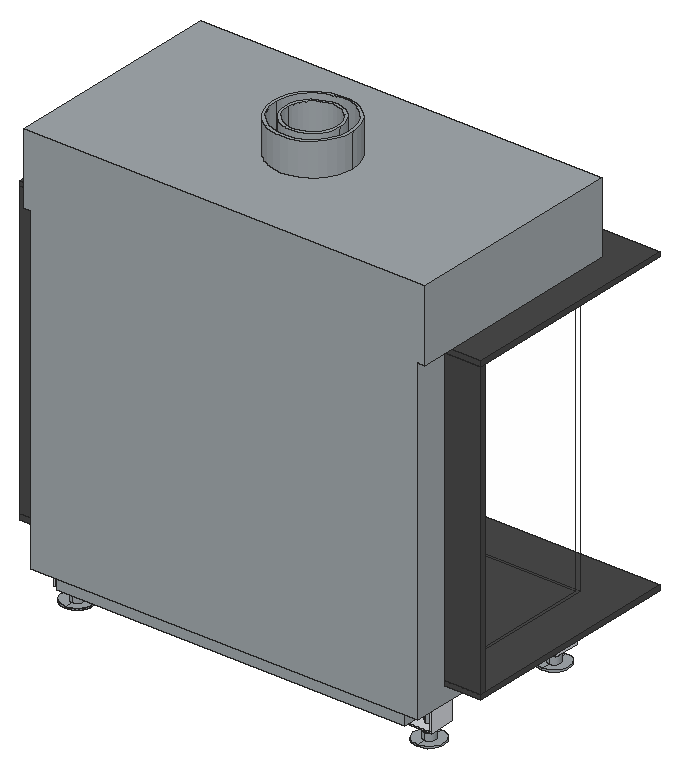
Revit family "METALFIRE_AVENUE_PLUS_MF_GHE_3S", category Mechanical Equipment, host Wall, Revit 2017
Family settings
  Host = Wall
  Round Connector Dimension = Use Diameter
  Part Type = Normal
  OmniClass Number = 23.75.00.00
  OmniClass Title = Climate Control (HVAC)
  Always vertical = Yes
  Cut with Voids When Loaded = No
  Shared = No
  Room Calculation Point = Yes
Parameters (values of type "700 x 600 mm")
  WIDTH = 757 mm
  WEIGHT = 100.00 kg
  URL = "https://www.metalfire.eu"
  TECHNICAL SHEET = "https://www.metalfire.eu/en/products/gas-fireplaces/avenue-plus"
  SMOKE EXHAUST = "Ø100/150 mm"
  PRODUCT SHEET = "https://www.archiproducts.com/en/products/metalfire/gas-3-sided-closed-fireplace-avenue-plus-3-sided-fireplace_456682"
  PRODUCT CODE = "MF 700-60 GHE 3S"
  OVERALL WIDTH = 828 mm
  OVERALL HEIGHT = 970 mm
  OVERALL DEPTH = 444 mm
  OUTPUT = 5.8 kW
  Model = "Avenue Plus"
  Manufacturer = "Metalfire"
  MATERIAL DESCRIPTION = "Iron, galvanized steel and vermiculite plates"
  HEIGHT = 590 mm
  FRAME MATERIAL = Iron - Metalfire
  FINISHING MATERIAL = Black painted vermiculite plates - Metalfire
  ENERGY EFFICIENCY CLASS = "A (G20) / B (G30)"
  EFFICIENCY = 90.00%
  Description = "The Avenue plus represents the latest generation of closed gas-fired fireplaces. Although the output is lower than the Avenue series, the Avenue plus achieves the highest efficiency in the Metalfire range, 90%."
  DEPTH = 336 mm
  BIM USER MANUAL = "https://img.edilportale.com/bim/METALFIRE-BIM-USER-MANUAL-Metalfire-bim.pdf"
  BIM BADGE = "https://bim.archiproducts.com/en/badge/bim-archiproducts-featured_658700/about"
  BIM AUTHOR = "https://bim.archiproducts.com"
Types (2, lengths in mm): name | WIDTH | PRODUCT CODE | OVERALL WIDTH | OVERALL HEIGHT | OUTPUT | HEIGHT
  700 x 600 mm | 757 | "MF 700-60 GHE 3S" | 828 | 970 | 5.8 kW | 590
  800 x 400 mm | 841 | "MF 800-40 GHE 3S" | 928 | 770 | 5.5 kW | 390
Reference planes
  plane 1 "Wall": y = 0
  plane 2 "Center (Left/Right)": x = 0
  plane 3 "Back": y = 600
  plane 4: x = 378.5
  plane 5: x = -378.5
  plane 6: z = 121
  plane 7: z = 711
Forms (mm)
  Extrusion 1, solid, material "Iron - Metalfire" <- "FRAME MATERIAL", detail levels fine
    sketch origin (0, 381.083, 0) x (-1, 0, 0) y (0, -1, 0)
      loop
        circle (0, 73.083) r 75
      loop
        circle (0, 73.083) r 80
    from 864 to 930
  Extrusion 2, solid, material "Iron - Metalfire" <- "FRAME MATERIAL", detail levels fine
    sketch origin (0, 300, 0) x (-1, 0, 0) y (0, 0, 1)
      loop
        line (-349.5, 46) -> (349.5, 46) -> (349.5, 78) -> (-349.5, 78) -> (-349.5, 46)
    from 188 to -197
  Extrusion 3, solid, material "Black painted vermiculite plates - Metalfire" <- "FINISHING MATERIAL", detail levels medium+fine
    sketch origin (1538.26, 300, 0) x (-1, 0, 0) y (0, 0, 1)
      loop
        line (1075.76, 111) -> (2000.76, 111) -> (2000.76, 121) -> (1075.76, 121) -> (1075.76, 111)
      loop
        line (2000.76, 721) -> (1075.76, 721) -> (1075.76, 711) -> (2000.76, 711) -> (2000.76, 721)
    from 300 to -148
  Extrusion 4, solid, material "Iron - Metalfire" <- "FRAME MATERIAL", detail levels fine
    sketch origin (0, 300, 0) x (0, -1, 0) y (0, 0, -1)
      loop
        line (-230, -864) -> (214, -864) -> (214, -78) -> (-207, -78) -> (-207, -111) -> (148, -111) -> (148, -721) -> (-230, -721) -> (-230, -864)
    from -388.5 to 388.5
  Extrusion 5, solid, material "Black painted vermiculite plates - Metalfire" <- "FINISHING MATERIAL", detail levels medium+fine
    sketch origin (0, 300, 0) x (-1, 0, 0) y (0, 0, 1)
      loop
        line (-462.5, 121) -> (462.5, 121) -> (462.5, 711) -> (-462.5, 711) -> (-462.5, 121)
    from -148 to -138
  Extrusion 6, solid, material "Iron - Metalfire" <- "FRAME MATERIAL", detail levels fine
    sketch origin (0, 381.083, 0) x (-1, 0, 0) y (0, -1, 0)
      loop
        circle (0, 73.083) r 50
      loop
        circle (0, 73.083) r 55
    from 864 to 930
  Extrusion 7, solid, material "Iron - Metalfire" <- "FRAME MATERIAL", detail levels fine
    sketch origin (0, 300, 0) x (0, -1, 0) y (0, 0, 1)
      loop
        line (-230, 864) -> (-230, 721) -> (214, 721) -> (214, 864) -> (-230, 864)
    from 388.5 to 402.5
  Extrusion 8, solid, material "Clear Glass - Metalfire", detail levels medium+fine
    sketch origin (0, 0, 0) x (1, 0, 0) y (0, 1, 0)
      loop
        line (-378.5, 507) -> (-378.5, 162) -> (-373.5, 162) -> (-373.5, 502) -> (373.5, 502) -> (373.5, 162) -> (378.5, 162) -> (378.5, 507) -> (-378.5, 507)
    from 121 to 711
  Extrusion 9, solid, material "Iron - Metalfire" <- "FRAME MATERIAL", detail levels fine
    sketch origin (-11.25, 300, 0) x (0, -1, 0) y (0, 0, -1)
      loop
        line (-230, -864) -> (214, -864) -> (214, -721) -> (-230, -721) -> (-230, -864)
    from 399.75 to 413.75
  Revolve 10, solid, material "Iron - Metalfire" <- "FRAME MATERIAL", detail levels fine
    sketch origin (-353.5, -242.858, 1200) x (0, -1, 0) y (0, 0, 1)
      loop
        line (-714.93, -1200) -> (-684.93, -1200) -> (-684.93, -1197) -> (-702.93, -1197) -> (-702.93, -1184) -> (-706.93, -1184) -> (-706.93, -1122) -> (-714.93, -1122) -> (-714.93, -1200)
      axis (-714.93, -1122) -> (-714.93, -1200)
    angle from 0 to 360
  Revolve 11, solid, material "Iron - Metalfire" <- "FRAME MATERIAL", detail levels fine
    sketch origin (-353.5, 70.642, 1200) x (0, -1, 0) y (0, 0, 1)
      loop
        line (-87.93, -1200) -> (-57.93, -1200) -> (-57.93, -1197) -> (-75.93, -1197) -> (-75.93, -1184) -> (-79.93, -1184) -> (-79.93, -1122) -> (-87.93, -1122) -> (-87.93, -1200)
      axis (-87.93, -1122) -> (-87.93, -1200)
    angle from 0 to 360
  Revolve 12, solid, material "Iron - Metalfire" <- "FRAME MATERIAL", detail levels fine
    sketch origin (-353.5, -242.858, 1200) x (0, -1, 0) y (0, 0, 1)
      loop
        line (-714.93, -1200) -> (-684.93, -1200) -> (-684.93, -1197) -> (-702.93, -1197) -> (-702.93, -1184) -> (-706.93, -1184) -> (-706.93, -1122) -> (-714.93, -1122) -> (-714.93, -1200)
      axis (-714.93, -1122) -> (-714.93, -1200)
    angle from 0 to 360
  Revolve 13, solid, material "Iron - Metalfire" <- "FRAME MATERIAL", detail levels fine
    sketch origin (-353.5, 70.642, 1200) x (0, -1, 0) y (0, 0, 1)
      loop
        line (-87.93, -1200) -> (-57.93, -1200) -> (-57.93, -1197) -> (-75.93, -1197) -> (-75.93, -1184) -> (-79.93, -1184) -> (-79.93, -1122) -> (-87.93, -1122) -> (-87.93, -1200)
      axis (-87.93, -1122) -> (-87.93, -1200)
    angle from 0 to 360
  Extrusion 14, solid, detail levels fine
    sketch origin (125.5, 1.572, 0) x (-1, 0, 0) y (0, 0, 1)
      loop
        line (457, 78) -> (454, 78) -> (454, 29.8) -> (504, 29.8) -> (504, 78) -> (501, 78) -> (501, 32.8) -> (457, 32.8) -> (457, 78)
    from 131 to 183
  Extrusion 15, solid, detail levels fine
    sketch origin (125.5, 562.572, 0) x (-1, 0, 0) y (0, 0, -1)
      loop
        line (457, -78) -> (457, -32.8) -> (501, -32.8) -> (501, -78) -> (504, -78) -> (504, -29.8) -> (454, -29.8) -> (454, -78) -> (457, -78)
    from 64.5 to 116.5
  Revolve 16, solid, material "Iron - Metalfire" <- "FRAME MATERIAL", detail levels fine
    sketch origin (353.5, -242.858, 1200) x (0, -1, 0) y (0, 0, -1)
      loop
        line (-714.93, 1200) -> (-714.93, 1122) -> (-706.93, 1122) -> (-706.93, 1184) -> (-702.93, 1184) -> (-702.93, 1197) -> (-684.93, 1197) -> (-684.93, 1200) -> (-714.93, 1200)
      axis (-714.93, 1122) -> (-714.93, 1200)
    angle from 0 to 360
  Revolve 17, solid, material "Iron - Metalfire" <- "FRAME MATERIAL", detail levels fine
    sketch origin (353.5, 70.642, 1200) x (0, -1, 0) y (0, 0, -1)
      loop
        line (-87.93, 1200) -> (-87.93, 1122) -> (-79.93, 1122) -> (-79.93, 1184) -> (-75.93, 1184) -> (-75.93, 1197) -> (-57.93, 1197) -> (-57.93, 1200) -> (-87.93, 1200)
      axis (-87.93, 1122) -> (-87.93, 1200)
    angle from 0 to 360
  Revolve 18, solid, material "Iron - Metalfire" <- "FRAME MATERIAL", detail levels fine
    sketch origin (353.5, -242.858, 1200) x (0, -1, 0) y (0, 0, -1)
      loop
        line (-714.93, 1200) -> (-714.93, 1122) -> (-706.93, 1122) -> (-706.93, 1184) -> (-702.93, 1184) -> (-702.93, 1197) -> (-684.93, 1197) -> (-684.93, 1200) -> (-714.93, 1200)
      axis (-714.93, 1122) -> (-714.93, 1200)
    angle from 0 to 360
  Revolve 19, solid, material "Iron - Metalfire" <- "FRAME MATERIAL", detail levels fine
    sketch origin (353.5, 70.642, 1200) x (0, -1, 0) y (0, 0, -1)
      loop
        line (-87.93, 1200) -> (-87.93, 1122) -> (-79.93, 1122) -> (-79.93, 1184) -> (-75.93, 1184) -> (-75.93, 1197) -> (-57.93, 1197) -> (-57.93, 1200) -> (-87.93, 1200)
      axis (-87.93, 1122) -> (-87.93, 1200)
    angle from 0 to 360
  Extrusion 20, solid, detail levels fine
    sketch origin (-125.5, 1.572, 0) x (1, 0, 0) y (0, 0, -1)
      loop
        line (457, -78) -> (457, -32.8) -> (501, -32.8) -> (501, -78) -> (504, -78) -> (504, -29.8) -> (454, -29.8) -> (454, -78) -> (457, -78)
    from 131 to 183
  Extrusion 21, solid, detail levels fine
    sketch origin (-125.5, 562.572, 0) x (1, 0, 0) y (0, 0, 1)
      loop
        line (457, 78) -> (454, 78) -> (454, 29.8) -> (504, 29.8) -> (504, 78) -> (501, 78) -> (501, 32.8) -> (457, 32.8) -> (457, 78)
    from 64.5 to 116.5
  Revolve 22, solid, material "Iron - Metalfire" <- "FRAME MATERIAL", not visible, detail levels fine
    sketch origin (-435, -544.43, 1200) x (0, -1, 0) y (0, 0, 1)
      loop
        line (-714.93, -1200) -> (-684.93, -1200) -> (-684.93, -1197) -> (-702.93, -1197) -> (-702.93, -1184) -> (-706.93, -1184) -> (-706.93, -1122) -> (-714.93, -1122) -> (-714.93, -1200)
      axis (-714.93, -1122) -> (-714.93, -1200)
    angle from 0 to 360
  Revolve 23, solid, material "Iron - Metalfire" <- "FRAME MATERIAL", not visible, detail levels fine
    sketch origin (-435, -230.93, 1200) x (0, -1, 0) y (0, 0, 1)
      loop
        line (-87.93, -1200) -> (-57.93, -1200) -> (-57.93, -1197) -> (-75.93, -1197) -> (-75.93, -1184) -> (-79.93, -1184) -> (-79.93, -1122) -> (-87.93, -1122) -> (-87.93, -1200)
      axis (-87.93, -1122) -> (-87.93, -1200)
    angle from 0 to 360
  Revolve 24, solid, material "Iron - Metalfire" <- "FRAME MATERIAL", not visible, detail levels fine
    sketch origin (-435, -544.43, 1200) x (0, -1, 0) y (0, 0, 1)
      loop
        line (-714.93, -1200) -> (-684.93, -1200) -> (-684.93, -1197) -> (-702.93, -1197) -> (-702.93, -1184) -> (-706.93, -1184) -> (-706.93, -1122) -> (-714.93, -1122) -> (-714.93, -1200)
      axis (-714.93, -1122) -> (-714.93, -1200)
    angle from 0 to 360
  Revolve 25, solid, material "Iron - Metalfire" <- "FRAME MATERIAL", not visible, detail levels fine
    sketch origin (-435, -230.93, 1200) x (0, -1, 0) y (0, 0, 1)
      loop
        line (-87.93, -1200) -> (-57.93, -1200) -> (-57.93, -1197) -> (-75.93, -1197) -> (-75.93, -1184) -> (-79.93, -1184) -> (-79.93, -1122) -> (-87.93, -1122) -> (-87.93, -1200)
      axis (-87.93, -1122) -> (-87.93, -1200)
    angle from 0 to 360
  Extrusion 26, solid, not visible, detail levels fine
    sketch origin (44, -300, 0) x (-1, 0, 0) y (0, 0, 1)
      loop
        line (457, 78) -> (454, 78) -> (454, 29.8) -> (504, 29.8) -> (504, 78) -> (501, 78) -> (501, 32.8) -> (457, 32.8) -> (457, 78)
    from 131 to 183
  Extrusion 27, solid, not visible, detail levels fine
    sketch origin (44, 261, 0) x (-1, 0, 0) y (0, 0, -1)
      loop
        line (457, -78) -> (457, -32.8) -> (501, -32.8) -> (501, -78) -> (504, -78) -> (504, -29.8) -> (454, -29.8) -> (454, -78) -> (457, -78)
    from 64.5 to 116.5
  Revolve 28, solid, material "Iron - Metalfire" <- "FRAME MATERIAL", not visible, detail levels fine
    sketch origin (447, -544.43, 1200) x (0, -1, 0) y (0, 0, -1)
      loop
        line (-714.93, 1200) -> (-714.93, 1122) -> (-706.93, 1122) -> (-706.93, 1184) -> (-702.93, 1184) -> (-702.93, 1197) -> (-684.93, 1197) -> (-684.93, 1200) -> (-714.93, 1200)
      axis (-714.93, 1122) -> (-714.93, 1200)
    angle from 0 to 360
  Revolve 29, solid, material "Iron - Metalfire" <- "FRAME MATERIAL", not visible, detail levels fine
    sketch origin (447, -230.93, 1200) x (0, -1, 0) y (0, 0, -1)
      loop
        line (-87.93, 1200) -> (-87.93, 1122) -> (-79.93, 1122) -> (-79.93, 1184) -> (-75.93, 1184) -> (-75.93, 1197) -> (-57.93, 1197) -> (-57.93, 1200) -> (-87.93, 1200)
      axis (-87.93, 1122) -> (-87.93, 1200)
    angle from 0 to 360
  Revolve 30, solid, material "Iron - Metalfire" <- "FRAME MATERIAL", not visible, detail levels fine
    sketch origin (447, -544.43, 1200) x (0, -1, 0) y (0, 0, -1)
      loop
        line (-714.93, 1200) -> (-714.93, 1122) -> (-706.93, 1122) -> (-706.93, 1184) -> (-702.93, 1184) -> (-702.93, 1197) -> (-684.93, 1197) -> (-684.93, 1200) -> (-714.93, 1200)
      axis (-714.93, 1122) -> (-714.93, 1200)
    angle from 0 to 360
  Revolve 31, solid, material "Iron - Metalfire" <- "FRAME MATERIAL", not visible, detail levels fine
    sketch origin (447, -230.93, 1200) x (0, -1, 0) y (0, 0, -1)
      loop
        line (-87.93, 1200) -> (-87.93, 1122) -> (-79.93, 1122) -> (-79.93, 1184) -> (-75.93, 1184) -> (-75.93, 1197) -> (-57.93, 1197) -> (-57.93, 1200) -> (-87.93, 1200)
      axis (-87.93, 1122) -> (-87.93, 1200)
    angle from 0 to 360
  Extrusion 32, solid, not visible, detail levels fine
    sketch origin (-32, -300, 0) x (1, 0, 0) y (0, 0, -1)
      loop
        line (457, -78) -> (457, -32.8) -> (501, -32.8) -> (501, -78) -> (504, -78) -> (504, -29.8) -> (454, -29.8) -> (454, -78) -> (457, -78)
    from 131 to 183
  Extrusion 33, solid, not visible, detail levels fine
    sketch origin (-32, 261, 0) x (1, 0, 0) y (0, 0, 1)
      loop
        line (457, 78) -> (454, 78) -> (454, 29.8) -> (504, 29.8) -> (504, 78) -> (501, 78) -> (501, 32.8) -> (457, 32.8) -> (457, 78)
    from 64.5 to 116.5
  Extrusion 34, void
    sketch origin (0, 0, 0) x (1, 0, 0) y (0, 1, 0)
      loop
        line (-402.5, 86) -> (402.5, 86) -> (402.5, 530) -> (-402.5, 530) -> (-402.5, 86)
    from 0 to 930
  Extrusion 35, void
    sketch origin (0, 0, 0) x (1, 0, 0) y (0, 1, 0)
      loop
        line (-462.5, 152) -> (-402.5, 152) -> (-402.5, 530) -> (402.5, 530) -> (402.5, 152) -> (462.5, 152) -> (462.5, 600) -> (-462.5, 600) -> (-462.5, 152)
    from 111 to 721
Cuts and joins
  joined: Extrusion 4, Extrusion 7, Extrusion 9
Text (mm)
  text "Placement side" at (-1820.995, 1116.779, 0), in view "Ref. Level"
  text "Placement side" at (0, 1334.055, 2976.191), in view "Left"
  text "Placement side" at (0, 439.194, 2944.362), in view "Right"
Dimensions and locks
  locked: plane 3 "Back" to host wall
  equal spacing: plane 5, plane 2 "Center (Left/Right)", plane 4
  "WIDTH": plane 5 to plane 4
  locked: level to plane 6 at 121
  "HEIGHT": plane 6 to plane 7
  locked: plane 7 to Extrusion 1 at 219
  locked: Extrusion 4 sketch curve to plane 7 at 10
  locked: Extrusion 4 sketch curve to plane 7 at 153
  locked: plane 6 to Extrusion 4 sketch curve at 10
  locked: plane 6 to Extrusion 4 sketch curve at 43
  Extrusion 2 to plane 2 "Center (Left/Right)" to Extrusion 2 = 349.5 mm locked, 349.5 mm locked
  locked: plane 5 to Extrusion 3 sketch curve at 84
  locked: Extrusion 3 sketch curve to plane 5 at 84
  locked: Extrusion 7 sketch curve to plane 7 at 153
  locked: Extrusion 7 sketch curve to plane 7 at 10
  plane 5 to Extrusion 7 to Extrusion 7 = 10 mm locked, 14 mm locked
  locked: plane 5 to Extrusion 8 sketch curve at 5
  plane 4 to Extrusion 9 = 24 mm
  locked: Extrusion 3 sketch curve to plane 4 at 84
  locked: plane 4 to Extrusion 3 sketch curve at 84
  locked: Extrusion 8 sketch curve to plane 4 at 5
  Extrusion 2 to Extrusion 2 to plane 3 "Back" = 385 mm locked, 112 mm locked
  locked: plane 3 "Back" to Extrusion 21 at 101.928
  locked: plane 3 "Back" to Extrusion 15 at 101.928
  locked: Extrusion 3 to plane 3 "Back" at 448
  locked: Extrusion 5 to Extrusion 3 at 10
  locked: Extrusion 8 sketch curve to plane 3 "Back" at 438
  locked: Extrusion 8 sketch curve to Extrusion 8 sketch curve at 5
  locked: plane 3 "Back" to Extrusion 8 sketch curve at 93
  locked: Extrusion 1 sketch curve to plane 3 "Back" at 292
  locked: Extrusion 6 sketch curve to plane 3 "Back" at 292
  locked: Extrusion 4 sketch curve to plane 3 "Back" at 514
  locked: Extrusion 4 to plane 5 at 10
  locked: plane 4 to Extrusion 4 at 10
  locked: Extrusion 7 to Extrusion 7 at 14
  locked: Extrusion 9 to Extrusion 9 at 14
  locked: Extrusion 5 to Extrusion 3 sketch curve at 10
  locked: Extrusion 3 sketch curve to Extrusion 5 at 10
  aligned and locked: plane 1 "Wall" to host wall
  aligned and locked: plane 7 to Extrusion 3 sketch curve
  aligned and locked: Extrusion 3 sketch curve to plane 6
  aligned and locked: plane 7 to Extrusion 5
  aligned and locked: Extrusion 5 sketch curve to plane 6
  aligned and locked: Extrusion 1 to Extrusion 6  (x2)
  aligned and locked: Extrusion 4 to Extrusion 7
  aligned and locked: Extrusion 8 sketch curve to plane 5
  aligned and locked: Extrusion 8 to plane 6
  aligned and locked: plane 7 to Extrusion 8
  aligned and locked: Extrusion 3 to Extrusion 5
  aligned and locked: Extrusion 8 sketch curve to plane 4
  aligned and locked: Extrusion 15 to plane 5
  aligned and locked: plane 4 to Extrusion 21
  aligned and locked: Extrusion 3 to plane 3 "Back"
  aligned and locked: Extrusion 5 to Extrusion 3
  aligned and locked: Extrusion 8 sketch curve to Extrusion 8 sketch curve
  aligned and locked: Extrusion 9 to Extrusion 4  (x3)
  aligned and locked: Extrusion 1 to Extrusion 4
  aligned and locked: Extrusion 7 to Extrusion 4  (x2)
  aligned and locked: Extrusion 34 sketch curve to cut or joined group of Extrusion 4, Extrusion 7, Extrusion 9  (x4)
  aligned and locked: Extrusion 34 to Extrusion 1
  aligned and locked: cut or joined group of Extrusion 4, Extrusion 7, Extrusion 9 to Extrusion 35 sketch curve  (x3)
  aligned and locked: Extrusion 35 sketch curve to Extrusion 3  (x4)
  aligned and locked: Extrusion 3 to Extrusion 35 sketch curve
  aligned and locked: Extrusion 35 to Extrusion 3  (x2)
  aligned and locked: nested 1 to cut or joined group of Extrusion 4, Extrusion 7, Extrusion 9  (x4)
Automatic sketch dimensions
  Extrusion 1 sketch curve to Extrusion 1 sketch curve = 0 mm  (x2)
  Extrusion 1 sketch curve to plane 2 "Center (Left/Right)" = 0 mm
  Extrusion 2 sketch curve to plane 6 = 43 mm
  Extrusion 2 sketch curve to plane 4 = 29 mm
  plane 5 to Extrusion 2 sketch curve = 29 mm
  Extrusion 2 sketch curve to Extrusion 2 sketch curve = 32 mm
  plane 4 to Extrusion 5 sketch curve = 84 mm
  Extrusion 5 sketch curve to plane 7 = 0 mm
  Extrusion 5 sketch curve to plane 5 = 84 mm
  Extrusion 6 sketch curve to Extrusion 6 sketch curve = 0 mm  (x2)
  Extrusion 6 sketch curve to plane 2 "Center (Left/Right)" = 0 mm
  Extrusion 7 sketch curve to host wall = 70 mm
  Extrusion 7 sketch curve to host wall = 686 mm
  plane 7 to Extrusion 9 sketch curve = 10 mm
  Extrusion 9 sketch curve to host wall = 70 mm
  Extrusion 9 sketch curve to host wall = 686 mm
  Extrusion 9 sketch curve to Extrusion 9 sketch curve = 143 mm
  Revolve 10 sketch curve to Revolve 10 sketch curve = 8 mm
  Revolve 10 sketch curve to Revolve 10 sketch curve = 4 mm
  Revolve 10 sketch curve to Revolve 10 sketch curve = 18 mm
  Revolve 10 sketch curve to Revolve 10 sketch curve = 13 mm
  Revolve 10 sketch curve to Revolve 10 sketch curve = 0 mm
  Revolve 11 sketch curve to Revolve 11 sketch curve = 8 mm
  Revolve 11 sketch curve to Revolve 11 sketch curve = 4 mm
  Revolve 11 sketch curve to Revolve 11 sketch curve = 18 mm
  Revolve 11 sketch curve to Revolve 11 sketch curve = 13 mm
  Revolve 11 sketch curve to Revolve 11 sketch curve = 0 mm
  Revolve 12 sketch curve to Revolve 12 sketch curve = 8 mm
  Revolve 12 sketch curve to Revolve 12 sketch curve = 4 mm
  Revolve 12 sketch curve to Revolve 12 sketch curve = 18 mm
  Revolve 12 sketch curve to Revolve 12 sketch curve = 13 mm
  Revolve 12 sketch curve to Revolve 12 sketch curve = 0 mm
  Revolve 13 sketch curve to Revolve 13 sketch curve = 8 mm
  Revolve 13 sketch curve to Revolve 13 sketch curve = 4 mm
  Revolve 13 sketch curve to Revolve 13 sketch curve = 18 mm
  Revolve 13 sketch curve to Revolve 13 sketch curve = 13 mm
  Revolve 13 sketch curve to Revolve 13 sketch curve = 0 mm
  Extrusion 14 sketch curve to Extrusion 14 sketch curve = 3 mm  (x3)
  Extrusion 15 sketch curve to Extrusion 15 sketch curve = 3 mm  (x3)
  Revolve 16 sketch curve to Revolve 16 sketch curve = 8 mm
  Revolve 16 sketch curve to Revolve 16 sketch curve = 4 mm
  Revolve 16 sketch curve to Revolve 16 sketch curve = 18 mm
  Revolve 16 sketch curve to Revolve 16 sketch curve = 13 mm
  Revolve 16 sketch curve to Revolve 16 sketch curve = 0 mm
  Revolve 16 sketch curve to Revolve 16 sketch curve = 38.099 mm
  Revolve 17 sketch curve to Revolve 17 sketch curve = 8 mm
  Revolve 17 sketch curve to Revolve 17 sketch curve = 4 mm
  Revolve 17 sketch curve to Revolve 17 sketch curve = 18 mm
  Revolve 17 sketch curve to Revolve 17 sketch curve = 13 mm
  Revolve 17 sketch curve to Revolve 17 sketch curve = 0 mm
  Revolve 17 sketch curve to Revolve 17 sketch curve = 38.099 mm
  Revolve 18 sketch curve to Revolve 18 sketch curve = 8 mm
  Revolve 18 sketch curve to Revolve 18 sketch curve = 4 mm
  Revolve 18 sketch curve to Revolve 18 sketch curve = 18 mm
  Revolve 18 sketch curve to Revolve 18 sketch curve = 13 mm
  Revolve 18 sketch curve to Revolve 18 sketch curve = 0 mm
  Revolve 18 sketch curve to Revolve 18 sketch curve = 38.099 mm
  Revolve 19 sketch curve to Revolve 19 sketch curve = 8 mm
  Revolve 19 sketch curve to Revolve 19 sketch curve = 4 mm
  Revolve 19 sketch curve to Revolve 19 sketch curve = 18 mm
  Revolve 19 sketch curve to Revolve 19 sketch curve = 13 mm
  Revolve 19 sketch curve to Revolve 19 sketch curve = 0 mm
  Revolve 19 sketch curve to Revolve 19 sketch curve = 38.099 mm
  Extrusion 20 sketch curve to Extrusion 20 sketch curve = 3 mm  (x3)
  Extrusion 21 sketch curve to Extrusion 21 sketch curve = 3 mm  (x3)
  Revolve 10 sketch curve to Revolve 10 sketch curve = 3 mm
  Revolve 10 sketch curve to Revolve 10 sketch curve = 62 mm
  Revolve 10 sketch curve to Revolve 10 sketch curve = 38.099 mm
  Revolve 10 sketch curve to Revolve 10 sketch curve = 58.901 mm
  Revolve 11 sketch curve to Revolve 11 sketch curve = 3 mm
  Revolve 11 sketch curve to Revolve 11 sketch curve = 62 mm
  Revolve 11 sketch curve to Revolve 11 sketch curve = 38.099 mm
  Revolve 11 sketch curve to Revolve 11 sketch curve = 58.901 mm
  Revolve 12 sketch curve to Revolve 12 sketch curve = 3 mm
  Revolve 12 sketch curve to Revolve 12 sketch curve = 62 mm
  Revolve 12 sketch curve to Revolve 12 sketch curve = 38.099 mm
  Revolve 12 sketch curve to Revolve 12 sketch curve = 58.901 mm
  Revolve 13 sketch curve to Revolve 13 sketch curve = 3 mm
  Revolve 13 sketch curve to Revolve 13 sketch curve = 62 mm
  Revolve 13 sketch curve to Revolve 13 sketch curve = 38.099 mm
  Revolve 13 sketch curve to Revolve 13 sketch curve = 58.901 mm
  Extrusion 14 sketch curve to Extrusion 14 sketch curve = 44 mm
  Extrusion 14 sketch curve to Extrusion 14 sketch curve = 45.2 mm  (x2)
  Extrusion 15 sketch curve to Extrusion 15 sketch curve = 44 mm
  Extrusion 15 sketch curve to Extrusion 15 sketch curve = 0 mm
  Extrusion 15 sketch curve to Extrusion 15 sketch curve = 45.2 mm
  Revolve 16 sketch curve to Revolve 16 sketch curve = 62 mm
  Revolve 16 sketch curve to Revolve 16 sketch curve = 3 mm
  Revolve 16 sketch curve to Revolve 16 sketch curve = 58.901 mm
  Revolve 17 sketch curve to Revolve 17 sketch curve = 62 mm
  Revolve 17 sketch curve to Revolve 17 sketch curve = 3 mm
  Revolve 17 sketch curve to Revolve 17 sketch curve = 58.901 mm
  Revolve 18 sketch curve to Revolve 18 sketch curve = 62 mm
  Revolve 18 sketch curve to Revolve 18 sketch curve = 3 mm
  Revolve 18 sketch curve to Revolve 18 sketch curve = 58.901 mm
  Revolve 19 sketch curve to Revolve 19 sketch curve = 62 mm
  Revolve 19 sketch curve to Revolve 19 sketch curve = 3 mm
  Revolve 19 sketch curve to Revolve 19 sketch curve = 58.901 mm
  Extrusion 20 sketch curve to Extrusion 20 sketch curve = 44 mm
  Extrusion 20 sketch curve to Extrusion 20 sketch curve = 0 mm
  Extrusion 20 sketch curve to Extrusion 20 sketch curve = 45.2 mm
  Extrusion 21 sketch curve to Extrusion 21 sketch curve = 44 mm
  Extrusion 21 sketch curve to Extrusion 21 sketch curve = 45.2 mm  (x2)
  Revolve 22 sketch curve to Revolve 22 sketch curve = 8 mm
  Revolve 22 sketch curve to Revolve 22 sketch curve = 4 mm
  Revolve 22 sketch curve to Revolve 22 sketch curve = 18 mm
  Revolve 22 sketch curve to Revolve 22 sketch curve = 13 mm
  Revolve 22 sketch curve to Revolve 22 sketch curve = 0 mm
  Revolve 23 sketch curve to Revolve 23 sketch curve = 8 mm
  Revolve 23 sketch curve to Revolve 23 sketch curve = 4 mm
  Revolve 23 sketch curve to Revolve 23 sketch curve = 18 mm
  Revolve 23 sketch curve to Revolve 23 sketch curve = 13 mm
  Revolve 23 sketch curve to Revolve 23 sketch curve = 0 mm
  Revolve 24 sketch curve to Revolve 24 sketch curve = 8 mm
  Revolve 24 sketch curve to Revolve 24 sketch curve = 4 mm
  Revolve 24 sketch curve to Revolve 24 sketch curve = 18 mm
  Revolve 24 sketch curve to Revolve 24 sketch curve = 13 mm
  Revolve 24 sketch curve to Revolve 24 sketch curve = 0 mm
  Revolve 25 sketch curve to Revolve 25 sketch curve = 8 mm
  Revolve 25 sketch curve to Revolve 25 sketch curve = 4 mm
  Revolve 25 sketch curve to Revolve 25 sketch curve = 18 mm
  Revolve 25 sketch curve to Revolve 25 sketch curve = 13 mm
  Revolve 25 sketch curve to Revolve 25 sketch curve = 0 mm
  Extrusion 26 sketch curve to Extrusion 26 sketch curve = 3 mm  (x3)
  Extrusion 27 sketch curve to Extrusion 27 sketch curve = 3 mm  (x3)
  Revolve 22 sketch curve to Revolve 22 sketch curve = 3 mm
  Revolve 22 sketch curve to Revolve 22 sketch curve = 62 mm
  Revolve 22 sketch curve to Revolve 22 sketch curve = 38.099 mm
  Revolve 22 sketch curve to Revolve 22 sketch curve = 58.901 mm
  Revolve 23 sketch curve to Revolve 23 sketch curve = 3 mm
  Revolve 23 sketch curve to Revolve 23 sketch curve = 62 mm
  Revolve 23 sketch curve to Revolve 23 sketch curve = 38.099 mm
  Revolve 23 sketch curve to Revolve 23 sketch curve = 58.901 mm
  Revolve 24 sketch curve to Revolve 24 sketch curve = 3 mm
  Revolve 24 sketch curve to Revolve 24 sketch curve = 62 mm
  Revolve 24 sketch curve to Revolve 24 sketch curve = 38.099 mm
  Revolve 24 sketch curve to Revolve 24 sketch curve = 58.901 mm
  Revolve 25 sketch curve to Revolve 25 sketch curve = 3 mm
  Revolve 25 sketch curve to Revolve 25 sketch curve = 62 mm
  Revolve 25 sketch curve to Revolve 25 sketch curve = 38.099 mm
  Revolve 25 sketch curve to Revolve 25 sketch curve = 58.901 mm
  Extrusion 26 sketch curve to Extrusion 26 sketch curve = 44 mm
  Extrusion 26 sketch curve to Extrusion 26 sketch curve = 45.2 mm  (x2)
  Extrusion 27 sketch curve to Extrusion 27 sketch curve = 44 mm
  Extrusion 27 sketch curve to Extrusion 27 sketch curve = 0 mm
  Extrusion 27 sketch curve to Extrusion 27 sketch curve = 45.2 mm
  Revolve 28 sketch curve to Revolve 28 sketch curve = 8 mm
  Revolve 28 sketch curve to Revolve 28 sketch curve = 4 mm
  Revolve 28 sketch curve to Revolve 28 sketch curve = 18 mm
  Revolve 28 sketch curve to Revolve 28 sketch curve = 13 mm
  Revolve 28 sketch curve to Revolve 28 sketch curve = 0 mm
  Revolve 28 sketch curve to Revolve 28 sketch curve = 38.099 mm
  Revolve 29 sketch curve to Revolve 29 sketch curve = 8 mm
  Revolve 29 sketch curve to Revolve 29 sketch curve = 4 mm
  Revolve 29 sketch curve to Revolve 29 sketch curve = 18 mm
  Revolve 29 sketch curve to Revolve 29 sketch curve = 13 mm
  Revolve 29 sketch curve to Revolve 29 sketch curve = 0 mm
  Revolve 29 sketch curve to Revolve 29 sketch curve = 38.099 mm
  Revolve 30 sketch curve to Revolve 30 sketch curve = 8 mm
  Revolve 30 sketch curve to Revolve 30 sketch curve = 4 mm
  Revolve 30 sketch curve to Revolve 30 sketch curve = 18 mm
  Revolve 30 sketch curve to Revolve 30 sketch curve = 13 mm
  Revolve 30 sketch curve to Revolve 30 sketch curve = 0 mm
  Revolve 30 sketch curve to Revolve 30 sketch curve = 38.099 mm
  Revolve 31 sketch curve to Revolve 31 sketch curve = 8 mm
  Revolve 31 sketch curve to Revolve 31 sketch curve = 4 mm
  Revolve 31 sketch curve to Revolve 31 sketch curve = 18 mm
  Revolve 31 sketch curve to Revolve 31 sketch curve = 13 mm
  Revolve 31 sketch curve to Revolve 31 sketch curve = 0 mm
  Revolve 31 sketch curve to Revolve 31 sketch curve = 38.099 mm
  Extrusion 32 sketch curve to Extrusion 32 sketch curve = 3 mm  (x3)
  Extrusion 33 sketch curve to Extrusion 33 sketch curve = 3 mm  (x3)
  Revolve 28 sketch curve to Revolve 28 sketch curve = 62 mm
  Revolve 28 sketch curve to Revolve 28 sketch curve = 3 mm
  Revolve 28 sketch curve to Revolve 28 sketch curve = 58.901 mm
  Revolve 29 sketch curve to Revolve 29 sketch curve = 62 mm
  Revolve 29 sketch curve to Revolve 29 sketch curve = 3 mm
  Revolve 29 sketch curve to Revolve 29 sketch curve = 58.901 mm
  Revolve 30 sketch curve to Revolve 30 sketch curve = 62 mm
  Revolve 30 sketch curve to Revolve 30 sketch curve = 3 mm
  Revolve 30 sketch curve to Revolve 30 sketch curve = 58.901 mm
  Revolve 31 sketch curve to Revolve 31 sketch curve = 62 mm
  Revolve 31 sketch curve to Revolve 31 sketch curve = 3 mm
  Revolve 31 sketch curve to Revolve 31 sketch curve = 58.901 mm
  Extrusion 32 sketch curve to Extrusion 32 sketch curve = 44 mm
  Extrusion 32 sketch curve to Extrusion 32 sketch curve = 0 mm
  Extrusion 32 sketch curve to Extrusion 32 sketch curve = 45.2 mm
  Extrusion 33 sketch curve to Extrusion 33 sketch curve = 44 mm
  Extrusion 33 sketch curve to Extrusion 33 sketch curve = 45.2 mm  (x2)
  Extrusion 4 sketch curve to Extrusion 4 sketch curve = 66 mm
  Extrusion 4 sketch curve to host wall = 93 mm
  Extrusion 4 sketch curve to host wall = 70 mm
  radius of Extrusion 1 sketch curve = 75 mm
  radius of Extrusion 1 sketch curve = 80 mm
  radius of Extrusion 6 sketch curve = 50 mm
  radius of Extrusion 6 sketch curve = 55 mm
Nested families
  nested 1: "FIREPLACE_SYMBOL_detail item" at (0, 308, 0), type "FIREPLACE_SYMBOL_detail item", detail levels coarse
    with WIDTH 805 mm, HEIGHT 444 mm
Connectors
  piping at (0, 308, 930), diameter 100
    settings: on Extrusion 6, index 1, connector inside diameter 609.6 mm, connector length 0 mm, flow factor 0, pipe flow 0.0 L/s, pressure drop 0.0 Pa, fitting loss kfactor 0, connector angle 0.00°, fixture units 0, engagement length 0 mm, angle of deflection 0.00°, flow configuration 0, flow direction 2, fitting loss method 0, system type 22, joint type 0, gender type 0, connector reference index -1, connector utility 0, adjustable connector no, is connector primary yes, connector description ""
Definition of nested family "FIREPLACE_SYMBOL_detail item"
  Parameters (values of type "FIREPLACE_SYMBOL_detail item")
    WIDTH [instance] = 500 mm
    HEIGHT [instance] = 500 mm
  Reference planes
    plane 1 "Center (Front/Back)": y = 0
    plane 2: z = 0
    plane 3 "Center (Left/Right)": x = 0
    plane 4: x = 250
    plane 5: x = -250
    plane 6: y = 250
    plane 7: y = -250
  Lines and regions (mm)
    Filled region 1, type "Concrete", in view "Ref. Level"
      outline origin (-246.617, 90, 0) x (1, 0, 0) y (0, 1, 0)
        loop
          line (-3.383, -340) -> (496.617, -340) -> (496.617, 160) -> (-3.383, -340)
    detail lines, in view "Ref. Level"
      curve 1: line (-250, 250, 0) -> (250, 250, 0)
      curve 2: line (-250, -250, 0) -> (-250, 250, 0)
      curve 3: line (250, -250, 0) -> (-250, -250, 0)
      curve 4: line (250, 250, 0) -> (250, -250, 0)
  Dimensions and locks
    equal spacing: plane 5, plane 3 "Center (Left/Right)", plane 4
    equal spacing: plane 7, plane 1 "Center (Front/Back)", plane 6
    "WIDTH": plane 5 to plane 4
    "HEIGHT": plane 7 to plane 6
    aligned and locked: plane 6 to curve 1
    aligned and locked: plane 5 to curve 2
    aligned and locked: curve 3 to plane 7
    aligned and locked: curve 4 to plane 4
    aligned and locked: plane 6 to Filled region 1 sketch curve
    aligned and locked: plane 5 to Filled region 1 sketch curve
    aligned and locked: Filled region 1 sketch curve to plane 4
    aligned and locked: plane 7 to Filled region 1 sketch curve
